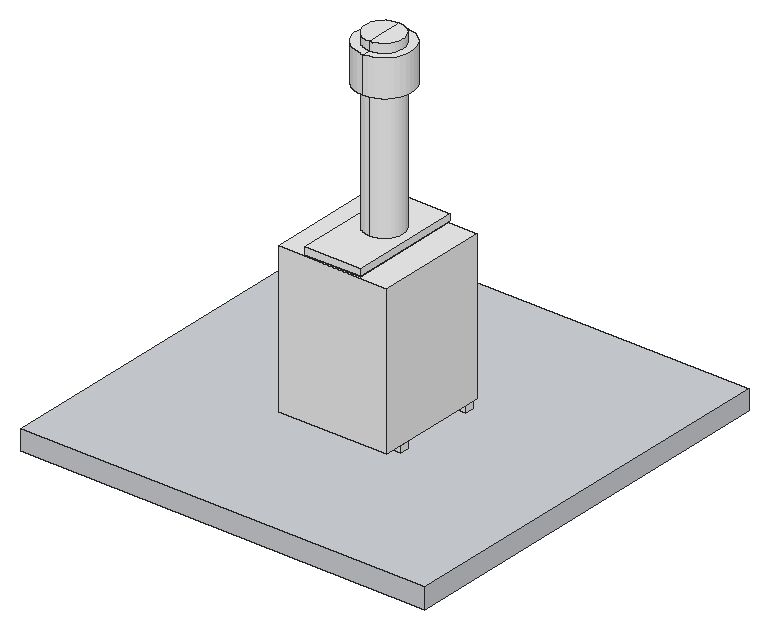
Revit family "DC_Rheem_PLM_Raypak_B0350HWT", category Mechanical Equipment, host Face, Revit 2020
Family settings
  Host = Face
  Round Connector Dimension = Use Radius
  Part Type = Normal
  Cut with Voids When Loaded = No
  Shared = No
  Room Calculation Point = No
Parameters
  Width_ANZRS = 655 mm
  URL = "http://www.rheem.com.au/downloads/PDF/Raypak_Mechanical_Heating_Brochure_July_09.pdf"
  Type Comments = "Recovery 1238L/h @ 50oC rise"
  TopDiameter_ANZRS = 225 mm
  Stainless Steel = Raypak - Grey Powder Coated Steel
  PRVDistance_ANZRS = 210 mm
  PRVRadius_ANZRS = 15 mm  # constant formula
  PRVDiameter_ANZRS = PRVRadius_ANZRS * 2  # 30 mm
  Model = "B0350PCO/HWT"
  Manufacturer = "Raypak"
  Length_ANZRS = 675 mm
  HotWaterOutletRadius_ANZRS = 20 mm
  HotWaterOutletDiameter_ANZRS = HotWaterOutletRadius_ANZRS * 2  # 40 mm
  HotWaterConnectionDistance_ANZRS = 170 mm
  Height_ANZRS = 2035 mm  # constant formula
  LipHeight_ANZRS = 935 mm
  GasInletRadius_ANZRS = 10 mm
  GasInletHeight_ANZRS = 370 mm
  GasInletDiameter_ANZRS = GasInletRadius_ANZRS * 2  # 20 mm
  GasConnectionDistance_ANZRS = 105 mm
  DesignBy_ANZRS = "Design Content  ©"
  Description = "Raypak - Gas Water Heater- Outdoor - 323 MJ/h  Propane gas, On/Off gas control"
  Default Elevation = 0 mm
  ConnectionHeight_ANZRS = 700 mm
  ColdWaterInletRadius_ANZRS = 20 mm
  ColdWaterInletDiameter_ANZRS = ColdWaterInletRadius_ANZRS * 2  # 40 mm
  ColdWaterConnectionDistance_ANZRS = 215 mm
  BoxHeight_ANZRS = 985 mm
  FootingOffsetDistance_ANZRS = 30 mm
  FootingWidth_ANZRS = 50 mm
  FootingOffsetDistanceRight_ANZRS = 105 mm
  Author_ANZRS = "DM"
  Assembly Code = ""
Types (5, lengths in mm): name | URL | Type Comments | Model | GasInletRadius_ANZRS | GasInletDiameter_ANZRS | Description
  (no name) | "http://www.rheem.com.au/downloads/PDF/Raypak_Mechanical_Heating_Brochure_July_09.pdf" | "Recovery 1238L/h @ 50oC rise" | "B0350PCO/HWT" | 10 | 20 | "Raypak - Gas Water Heater- Outdoor - 323 MJ/h  Propane gas, On/Off gas control"
  Raypak - Gas Water Heater- Outdoor - 343 MJ/h  Natural gas, modulating gas control | "http://www.rheem.com.au/CommercialProducts" | "Recovery 1312L/h @ 50oC rise" | "B0350NCM/HWT" | 12.5 | 25 | "Raypak - Gas Water Heater- Outdoor - 343 MJ/h  Natural gas, modulating gas control"
  Raypak - Gas Water Heater- Outdoor - 343 MJ/h  Natural gas, On/Off gas control | "http://www.rheem.com.au/CommercialProducts" | "Recovery 1312L/h @ 50oC rise" | "B0350NCO/HWT" | 10 | 20 | "Raypak - Gas Water Heater- Outdoor - 343 MJ/h  Natural gas, On/Off gas control"
  Raypak - Gas Water Heater- Outdoor - 323 MJ/h  Propane gas, modulating gas control | "http://www.rheem.com.au/CommercialProducts" | "Recovery 1238L/h @ 50oC rise" | "B0350PCM/HWT" | 10 | 20 | "Raypak - Gas Water Heater- Outdoor - 323 MJ/h  Propane gas, modulating gas control"
  Raypak - Gas Water Heater- Outdoor - 323 MJ/h  Propane gas, On/Off gas control | "http://www.rheem.com.au/CommercialProducts" | "Recovery 1238L/h @ 50oC rise" | "B0350PCO/HWT" | 10 | 20 | "Raypak - Gas Water Heater- Outdoor - 323 MJ/h  Propane gas, On/Off gas control"
Reference planes
  plane 1 "Center (Front/Back)": y = 0
  plane 2: z = 0
  plane 3 "Center (Left/Right)": x = 0
  plane 4 "Height": z = 2035
  plane 5 "Box H": z = 985
  plane 6 "Conn H": z = 700
  plane 7 "Gas C": z = 370
  plane 8 "L1": y = 288
  plane 9 "L2": y = -387
  plane 10 "PVR": y = 78
  plane 11 "Hot Water": y = 118
  plane 12 "Cold Water": y = -97
  plane 13 "Gas C1": y = -282
  plane 14 "D1": y = 112.5
  plane 15 "D2": y = -112.5
  plane 16 "W1": x = -327.5
  plane 17 "W2": x = 327.5
  plane 18 "base": z = 40
  plane 19 "H4": z = 1765
  plane 20 "H2": z = 1985
  plane 21: z = 600
  plane 22: z = 565
  plane 23: y = -327
  plane 24: x = -322.5
  plane 25 "BASE11": y = 258
  plane 26 "BASE12": y = 208
  plane 27 "BASE21": y = -232
  plane 28 "BASE22": y = -282
  plane 29 "H1": z = 935
  plane 30 "HH": z = 945
  plane 31: x = 167.5
  plane 32: x = -167.5
  plane 33: x = 157.5
  plane 34: x = -157.5
  plane 35 "LL2": y = -377
  plane 36 "LL1": y = 278
  plane 37: y = -162.5
  plane 38: y = 162.5
  plane 39: x = -112.5
  plane 40: x = 112.5
  plane 41: x = 162.5
  plane 42: x = -162.5
Forms (mm)
  Extrusion 1, solid
    sketch origin (0, 0, 0) x (1, 0, 0) y (0, 1, 0)
      loop
        line (-1219.2, 1219.2) -> (-1219.2, -1219.2) -> (1219.2, -1219.2) -> (1219.2, 1219.2) -> (-1219.2, 1219.2)
    from 0 to -120
  Extrusion 2, solid, material "Raypak - Grey Powder Coated Steel" <- "Stainless Steel"
    sketch origin (0, 0, 0) x (1, 0, 0) y (0, 1, 0)
      loop
        line (-327.5, 288) -> (-327.5, -387) -> (327.5, -387) -> (327.5, 288) -> (-327.5, 288)
    from 40 to 935
  Revolve 3, solid, material "Raypak - Grey Powder Coated Steel" <- "Stainless Steel"
    sketch origin (0, 0, 105) x (0, 1, 0) y (0, 0, 1)
      loop
        line (0, 1930) -> (-112.5, 1930) -> (-112.5, 1880) -> (-162.5, 1880) -> (-162.5, 1660) -> (-112.5, 1660) -> (-112.5, 880) -> (0, 880) -> (0, 1930)
      axis (0, 1930) -> (0, 880)
    angle from 0 to 360
  Extrusion 4, void
    sketch origin (0, 0, 0) x (0, 1, 0) y (0, 0, 1)
      loop
        circle (78, 700) r 15
      loop
        circle (118, 700) r 20
      loop
        circle (-97, 700) r 20
    from -327.5 to -322.5
  Extrusion 5, void
    sketch origin (0, 0, 0) x (0, 1, 0) y (0, 0, 1)
      loop
        circle (-327, 600) r 5
      loop
        circle (-327, 565) r 5
      loop
        circle (-282, 370) r 10
    from -327.5 to -322.5
  Extrusion 6, solid, material "Raypak - Grey Powder Coated Steel" <- "Stainless Steel"
    sketch origin (0, 0, 0) x (0, 1, 0) y (0, 0, 1)
      loop
        line (258, 40) -> (208, 40) -> (208, 0) -> (258, 0) -> (258, 40)
      loop
        line (-232, 40) -> (-282, 40) -> (-282, 0) -> (-232, 0) -> (-232, 40)
    from -327.5 to 327.5
  Extrusion 7, solid, material "Raypak - Grey Powder Coated Steel" <- "Stainless Steel"
    sketch origin (0, 0, 0) x (1, 0, 0) y (0, 0, 1)
      loop
        line (167.5, 985) -> (-167.5, 985) -> (-167.5, 945) -> (167.5, 945) -> (167.5, 985)
    from -288 to 387
  Extrusion 8, solid, material "Raypak - Grey Powder Coated Steel" <- "Stainless Steel"
    sketch origin (0, 0, 0) x (1, 0, 0) y (0, 0, 1)
      loop
        line (157.5, 945) -> (-157.5, 945) -> (-157.5, 935) -> (157.5, 935) -> (157.5, 945)
    from -278 to 377
Cuts and joins
  Extrusion 4, Extrusion 5 cuts Extrusion 2
Lines and regions (mm)
  Masking region 1
    outline origin (0, 0, 0) x (1, 0, 0) y (0, 1, 0)
      loop
        line (-327.5, 288) -> (-327.5, -387) -> (327.5, -387) -> (327.5, 288) -> (-327.5, 288)
  Masking region 2
    outline origin (0, 0, 0) x (1, 0, 0) y (0, 0, 1)
      loop
        line (-112.5, 2035) -> (-112.5, 1985) -> (-162.5, 1985) -> (-162.5, 1765) -> (-112.5, 1765) -> (-112.5, 985) -> (-167.5, 985) -> (-167.5, 945) -> (-157.5, 945) -> (-157.5, 935) -> (-327.5, 935) -> (-327.5, 0) -> (327.5, 0) -> (327.5, 935) -> (157.5, 935) -> (157.5, 945) -> (167.5, 945) -> (167.5, 985) -> (112.5, 985) -> (112.5, 1765) -> (162.5, 1765) -> (162.5, 1985) -> (112.5, 1985) -> (112.5, 2035) -> (0, 2035) -> (-112.5, 2035)
  Masking region 3
    outline origin (0, 0, 0) x (0, 1, 0) y (0, 0, 1)
      loop
        line (-112.5, 2035) -> (-112.5, 1985) -> (-162.5, 1985) -> (-162.5, 1765) -> (-112.5, 1765) -> (-112.5, 985) -> (-387, 985) -> (-387, 945) -> (-377, 945) -> (-377, 935) -> (-387, 935) -> (-387, 40) -> (-282, 40) -> (-282, 0) -> (-232, 0) -> (-232, 40) -> (208, 40) -> (208, 0) -> (258, 0) -> (258, 40) -> (288, 40) -> (288, 935) -> (278, 935) -> (278, 945) -> (288, 945) -> (288, 985) -> (112.5, 985) -> (112.5, 1765) -> (162.5, 1765) -> (162.5, 1985) -> (112.5, 1985) -> (112.5, 2035) -> (-112.5, 2035)
  symbolic lines, style "Emergency", detail levels fine
    curve 1: arc (0, 200.918, 0) -> (-200.918, 0, 0) -> (0, -200.918, 0) r 200.918
    curve 2: arc (0, -200.918, 0) -> (200.918, 0, 0) -> (0, 200.918, 0) r 200.918
    curve 3: arc (0, 182.5, 0) -> (182.5, 0, 0) -> (0, -182.5, 0) r 182.5
    curve 4: arc (0, -182.5, 0) -> (-182.5, 0, 0) -> (0, 182.5, 0) r 182.5
    curve 5: arc (0, -112.5, 0) -> (-112.5, 0, 0) -> (0, 112.5, 0) r 112.5
    curve 6: arc (0, 112.5, 0) -> (112.5, 0, 0) -> (0, -112.5, 0) r 112.5
    curve 7: line (327.5, -387, 0) -> (327.5, 288, 0)
    curve 8: line (327.5, 288, 0) -> (-327.5, 288, 0)
    curve 9: line (-327.5, 288, 0) -> (-327.5, -387, 0)
    curve 10: line (-327.5, -387, 0) -> (327.5, -387, 0)
    curve 11: line (112.5, 0, 1985) -> (182.5, 0, 1915)
    curve 12: line (162.5, 0, 1765) -> (182.5, 0, 1915)
    curve 13: line (-182.5, 0, 1915) -> (-162.5, 0, 1765)
    curve 14: line (-112.5, 0, 2035) -> (112.5, 0, 2035)
    curve 15: line (0, 0, 2035) -> (112.5, 0, 2035)
    curve 16: line (112.5, 0, 1985) -> (-112.5, 0, 1985)
    curve 17: line (-162.5, 0, 1765) -> (0, 0, 1765)
    curve 18: line (0, 0, 1765) -> (175.918, 0, 1765)
    curve 19: line (112.5, 0, 2035) -> (112.5, 0, 1985)
    curve 20: line (-112.5, 0, 2035) -> (-112.5, 0, 1985)
    curve 21: line (327.5, 0, 935) -> (-327.5, 0, 935)
    curve 22: line (327.5, 0, 40) -> (327.5, 0, 935)
    curve 23: line (-327.5, 0, 935) -> (-327.5, 0, 40)
    curve 24: line (-327.5, 0, 40) -> (327.5, 0, 40)
    curve 25: line (327.5, 0, 0) -> (327.5, 0, 40)
    curve 26: line (-327.5, 0, 40) -> (-327.5, 0, 0)
    curve 27: line (-327.5, 0, 0) -> (327.5, 0, 0)
    curve 28: line (-112.5, 0, 1765) -> (-112.5, 0, 985)
    curve 29: line (112.5, 0, 1765) -> (112.5, 0, 985)
    curve 30: arc (0, 63, 700) -> (0, 78, 685) -> (0, 93, 700) r 15
    curve 31: arc (0, 93, 700) -> (0, 78, 715) -> (0, 63, 700) r 15
    curve 32: arc (0, 138, 700) -> (0, 118, 720) -> (0, 98, 700) r 20
    curve 33: arc (0, 98, 700) -> (0, 118, 680) -> (0, 138, 700) r 20
    curve 34: arc (0, -117, 700) -> (0, -97, 680) -> (0, -77, 700) r 20
    curve 35: arc (0, -77, 700) -> (0, -97, 720) -> (0, -117, 700) r 20
    curve 36: arc (0, -272, 370) -> (0, -282, 380) -> (0, -292, 370) r 10
    curve 37: arc (0, -292, 370) -> (0, -282, 360) -> (0, -272, 370) r 10
    curve 38: arc (0, -332, 565) -> (0, -327, 560) -> (0, -322, 565) r 5
    curve 39: arc (0, -322, 565) -> (0, -327, 570) -> (0, -332, 565) r 5
    curve 40: arc (0, -332, 600) -> (0, -327, 595) -> (0, -322, 600) r 5
    curve 41: arc (0, -322, 600) -> (0, -327, 605) -> (0, -332, 600) r 5
    curve 42: line (0, -112.5, 2035) -> (0, -112.5, 1985)
    curve 43: line (0, 112.5, 2035) -> (0, 112.5, 1985)
    curve 44: line (0, 162.5, 1765) -> (0, -162.5, 1765)
    curve 45: line (0, 162.5, 1985) -> (0, -162.5, 1985)
    curve 46: line (0, 112.5, 1985) -> (0, -112.5, 1985)
    curve 47: line (0, 112.5, 1985) -> (0, 162.5, 1985)
    curve 48: line (0, -162.5, 1765) -> (0, -162.5, 1985)
    curve 49: line (0, -112.5, 1985) -> (0, -162.5, 1985)
    curve 50: line (0, 162.5, 1765) -> (0, 162.5, 1985)
    curve 51: line (0, -112.5, 2035) -> (0, 112.5, 2035)
    curve 52: line (0, 112.5, 1765) -> (0, 112.5, 985)
    curve 53: line (0, -112.5, 1765) -> (0, -112.5, 985)
    curve 54: line (0, 288, 985) -> (0, -387, 985)
    curve 55: line (0, -387, 985) -> (0, -387, 945)
    curve 56: line (0, 288, 40) -> (0, 288, 935)
    curve 57: line (0, -387, 40) -> (0, 288, 40)
    curve 58: line (0, 208, 40) -> (0, 208, 0)
    curve 59: line (0, 258, 0) -> (0, 258, 40)
    curve 60: line (0, 208, 0) -> (0, 258, 0)
    curve 61: line (0, -232, 0) -> (0, -232, 40)
    curve 62: line (0, -282, 40) -> (0, -282, 0)
    curve 63: line (0, -282, 0) -> (0, -232, 0)
    curve 64: line (-167.5, 288, 0) -> (-167.5, 110.958, 0)
    curve 65: line (167.5, -387, 0) -> (167.5, -110.958, 0)
    curve 66: line (167.5, 0, 945) -> (167.5, 0, 985)
    curve 67: line (-167.5, 0, 945) -> (167.5, 0, 945)
    curve 68: line (157.5, 0, 935) -> (157.5, 0, 945)
    curve 69: line (-167.5, 0, 985) -> (-167.5, 0, 945)
    curve 70: line (-157.5, 0, 945) -> (-157.5, 0, 935)
    curve 71: line (167.5, 0, 985) -> (-167.5, 0, 985)
    curve 72: line (0, -387, 945) -> (0, 288, 945)
    curve 73: line (0, 288, 935) -> (0, -387, 935)
    curve 74: line (0, 278, 935) -> (0, 278, 945)
    curve 75: line (0, -377, 945) -> (0, -377, 935)
    curve 76: line (0, -387, 935) -> (0, -387, 40)
    curve 77: line (0, 288, 945) -> (0, 288, 985)
    curve 78: line (-167.5, -110.958, 0) -> (-167.5, -387, 0)
    curve 79: line (167.5, 110.958, 0) -> (167.5, 288, 0)
Dimensions and locks
  "Height_ANZRS": plane 4 "Height" to level
  "BoxHeight_ANZRS": plane 5 "Box H" to level
  "ConnectionHeight_ANZRS": plane 6 "Conn H" to Extrusion 1
  "GasInletHeight_ANZRS": plane 7 "Gas C" to level
  "Length_ANZRS": plane 8 "L1" to plane 9 "L2"
  "PRVDistance_ANZRS": plane 8 "L1" to plane 10 "PVR"
  "HotWaterConnectionDistance_ANZRS": plane 8 "L1" to plane 11 "Hot Water"
  "ColdWaterConnectionDistance_ANZRS": plane 11 "Hot Water" to plane 12 "Cold Water"
  "GasConnectionDistance_ANZRS": plane 13 "Gas C1" to plane 9 "L2"
  plane 1 "Center (Front/Back)" to plane 9 "L2" = 387 mm
  plane 18 "base" to level = 40 mm
  plane 4 "Height" to plane 20 "H2" to plane 19 "H4" = 50 mm locked, 220 mm
  equal spacing: plane 17 "W2", plane 3 "Center (Left/Right)", plane 16 "W1"
  "Width_ANZRS": plane 17 "W2" to plane 16 "W1"
  equal spacing: plane 14 "D1", plane 1 "Center (Front/Back)", plane 15 "D2"
  "TopDiameter_ANZRS": plane 14 "D1" to plane 15 "D2"
  plane 21 to Extrusion 1 = 600 mm
  plane 22 to Extrusion 1 = 565 mm
  plane 18 "base" to Extrusion 1 = 40 mm
  plane 23 to plane 9 "L2" = 60 mm
  plane 16 "W1" to plane 24 = 5 mm
  "FootingOffsetDistance_ANZRS": plane 8 "L1" to plane 25 "BASE11"
  "FootingWidth_ANZRS": plane 25 "BASE11" to plane 26 "BASE12"
  "FootingWidth_ANZRS": plane 27 "BASE21" to plane 28 "BASE22"
  "FootingOffsetDistanceRight_ANZRS": plane 28 "BASE22" to plane 9 "L2"
  "LipHeight_ANZRS": plane 29 "H1" to Extrusion 1
  locked: plane 29 "H1" to plane 30 "HH" at 10
  plane 32 to plane 3 "Center (Left/Right)" to plane 31 = 167.5 mm, 167.5 mm
  plane 32 to plane 31 = 335 mm
  locked: plane 33 to plane 31 at 10
  locked: plane 34 to plane 32 at 10
  locked: plane 35 "LL2" to plane 9 "L2" at 10
  plane 36 "LL1" to plane 8 "L1" = 10 mm
  plane 15 "D2" to plane 37 = 50 mm
  equal spacing: plane 39, plane 3 "Center (Left/Right)", plane 40
  "TopDiameter_ANZRS": plane 39 to plane 40
  plane 39 to plane 42 = 50 mm
  plane 41 to plane 40 = 50 mm
  plane 38 to plane 14 "D1" = 50 mm
  "HotWaterOutletRadius_ANZRS": radius of Extrusion 4 sketch curve
  "ColdWaterInletRadius_ANZRS": radius of Extrusion 4 sketch curve
  "PRVRadius_ANZRS": radius of Extrusion 4 sketch curve
  "GasInletRadius_ANZRS": radius of Extrusion 5 sketch curve
  aligned and locked: plane 2 to Extrusion 1
  aligned and locked: level to Extrusion 1
  aligned and locked: plane 8 "L1" to Extrusion 2 sketch curve
  aligned and locked: plane 16 "W1" to Extrusion 2 sketch curve
  aligned and locked: plane 9 "L2" to Extrusion 2 sketch curve
  aligned and locked: plane 17 "W2" to Extrusion 2 sketch curve
  aligned: plane 5 "Box H" to Extrusion 2
  aligned and locked: Revolve 3 sketch curve to plane 1 "Center (Front/Back)"
  aligned and locked: plane 11 "Hot Water" to Extrusion 4 sketch curve
  aligned and locked: plane 10 "PVR" to Extrusion 4 sketch curve
  aligned and locked: plane 6 "Conn H" to Extrusion 4 sketch curve  (x3)
  aligned and locked: Extrusion 4 to plane 16 "W1"
  aligned and locked: Extrusion 2 to plane 18 "base"
  aligned and locked: plane 12 "Cold Water" to Extrusion 4 sketch curve
  aligned and locked: Revolve 3 sketch curve to plane 4 "Height"
  aligned and locked: plane 5 "Box H" to Revolve 3 sketch curve
  aligned and locked: plane 19 "H4" to Revolve 3 sketch curve
  aligned: plane 15 "D2" to Revolve 3 sketch curve
  aligned and locked: plane 15 "D2" to Revolve 3 sketch curve
  aligned and locked: plane 21 to Extrusion 5 sketch curve
  aligned and locked: plane 23 to Extrusion 5 sketch curve  (x2)
  aligned and locked: plane 22 to Extrusion 5 sketch curve
  aligned and locked: Extrusion 5 to plane 16 "W1"
  aligned and locked: plane 24 to Extrusion 5
  aligned and locked: plane 13 "Gas C1" to Extrusion 5 sketch curve
  aligned and locked: plane 7 "Gas C" to Extrusion 5 sketch curve
  aligned and locked: Extrusion 5 to Extrusion 4
  aligned and locked: plane 18 "base" to Extrusion 6 sketch curve  (x2)
  aligned and locked: Extrusion 6 sketch curve to plane 25 "BASE11"
  aligned and locked: Extrusion 6 sketch curve to level  (x2)
  aligned and locked: plane 26 "BASE12" to Extrusion 6 sketch curve
  aligned and locked: Extrusion 6 sketch curve to plane 27 "BASE21"
  aligned and locked: plane 28 "BASE22" to Extrusion 6 sketch curve
  aligned and locked: Extrusion 6 to plane 16 "W1"
  aligned and locked: Extrusion 6 to plane 17 "W2"
  aligned and locked: Masking region 1 sketch curve to cut or joined group of Extrusion 2, Extrusion 4, Extrusion 5  (x4)
  aligned and locked: Revolve 3 to Masking region 2 sketch curve  (x3)
  aligned and locked: Masking region 2 sketch curve to Revolve 3
  aligned and locked: plane 5 "Box H" to Masking region 2 sketch curve
  aligned and locked: plane 16 "W1" to Masking region 2 sketch curve
  aligned and locked: Masking region 2 sketch curve to plane 17 "W2"
  aligned and locked: Extrusion 1 to Masking region 2 sketch curve
  aligned and locked: Masking region 3 sketch curve to Revolve 3  (x2)
  aligned and locked: Masking region 3 sketch curve to plane 15 "D2"  (x2)
  aligned and locked: plane 5 "Box H" to Masking region 3 sketch curve
  aligned and locked: Masking region 3 sketch curve to plane 9 "L2"
  aligned and locked: plane 18 "base" to Masking region 3 sketch curve
  aligned and locked: Masking region 3 sketch curve to Extrusion 6  (x4)
  aligned and locked: plane 26 "BASE12" to Masking region 3 sketch curve
  aligned and locked: plane 25 "BASE11" to Masking region 3 sketch curve
  aligned and locked: plane 8 "L1" to Masking region 3 sketch curve
  aligned and locked: Masking region 3 sketch curve to plane 14 "D1"
  aligned and locked: curve 7 to cut or joined group of Extrusion 2, Extrusion 4, Extrusion 5
  aligned and locked: curve 8 to cut or joined group of Extrusion 2, Extrusion 4, Extrusion 5
  aligned and locked: curve 9 to cut or joined group of Extrusion 2, Extrusion 4, Extrusion 5
  aligned and locked: curve 10 to cut or joined group of Extrusion 2, Extrusion 4, Extrusion 5
  aligned and locked: curve 30 to cut or joined group of Extrusion 2, Extrusion 4, Extrusion 5
  aligned and locked: curve 31 to cut or joined group of Extrusion 2, Extrusion 4, Extrusion 5
  aligned and locked: curve 32 to cut or joined group of Extrusion 2, Extrusion 4, Extrusion 5
  aligned and locked: curve 33 to cut or joined group of Extrusion 2, Extrusion 4, Extrusion 5
  aligned and locked: curve 34 to cut or joined group of Extrusion 2, Extrusion 4, Extrusion 5
  aligned and locked: curve 35 to cut or joined group of Extrusion 2, Extrusion 4, Extrusion 5
  aligned and locked: curve 36 to cut or joined group of Extrusion 2, Extrusion 4, Extrusion 5
  aligned and locked: curve 37 to cut or joined group of Extrusion 2, Extrusion 4, Extrusion 5
  aligned and locked: curve 38 to cut or joined group of Extrusion 2, Extrusion 4, Extrusion 5
  aligned and locked: curve 39 to cut or joined group of Extrusion 2, Extrusion 4, Extrusion 5
  aligned and locked: curve 40 to cut or joined group of Extrusion 2, Extrusion 4, Extrusion 5
  aligned and locked: curve 41 to cut or joined group of Extrusion 2, Extrusion 4, Extrusion 5
  aligned and locked: curve 42 to plane 15 "D2"
  aligned and locked: curve 43 to plane 14 "D1"
  aligned and locked: curve 51 to Revolve 3
  aligned and locked: Extrusion 2 to plane 29 "H1"
  aligned and locked: curve 21 to cut or joined group of Extrusion 2, Extrusion 4, Extrusion 5
  aligned and locked: plane 5 "Box H" to Extrusion 7 sketch curve
  aligned and locked: Extrusion 7 sketch curve to plane 31
  aligned and locked: Extrusion 7 sketch curve to plane 30 "HH"
  aligned and locked: Extrusion 7 sketch curve to plane 32
  aligned and locked: plane 30 "HH" to Extrusion 8 sketch curve
  aligned and locked: Extrusion 8 sketch curve to plane 33
  aligned and locked: Extrusion 8 sketch curve to plane 29 "H1"
  aligned and locked: Extrusion 8 sketch curve to plane 34
  aligned and locked: Extrusion 7 to plane 8 "L1"
  aligned and locked: Extrusion 7 to plane 9 "L2"
  aligned and locked: Extrusion 8 to plane 35 "LL2"
  aligned and locked: plane 36 "LL1" to Extrusion 8
  aligned and locked: curve 64 to Extrusion 7
  aligned and locked: curve 65 to Extrusion 7
  aligned and locked: curve 66 to Extrusion 7
  aligned and locked: curve 67 to Extrusion 7
  aligned and locked: curve 68 to Extrusion 8
  aligned and locked: curve 69 to Extrusion 7
  aligned and locked: curve 70 to Extrusion 8
  aligned and locked: curve 71 to Extrusion 7
  aligned and locked: Masking region 2 sketch curve to Extrusion 7  (x3)
  aligned and locked: Extrusion 7 to Masking region 2 sketch curve
  aligned and locked: Masking region 2 sketch curve to Extrusion 8  (x2)
  aligned and locked: Masking region 2 sketch curve to cut or joined group of Extrusion 2, Extrusion 4, Extrusion 5
  aligned and locked: curve 72 to Extrusion 7
  aligned and locked: curve 73 to cut or joined group of Extrusion 2, Extrusion 4, Extrusion 5
  aligned and locked: curve 74 to Extrusion 8
  aligned and locked: curve 75 to Extrusion 8
  aligned and locked: Masking region 3 sketch curve to Extrusion 7
  aligned and locked: Masking region 3 sketch curve to cut or joined group of Extrusion 2, Extrusion 4, Extrusion 5
  aligned and locked: Masking region 3 sketch curve to Extrusion 8  (x2)
  aligned and locked: plane 37 to Revolve 3 sketch curve
  aligned and locked: plane 37 to curve 48
  aligned and locked: plane 19 "H4" to curve 48
  aligned and locked: plane 19 "H4" to curve 50
  aligned and locked: plane 38 to curve 44
  aligned and locked: curve 20 to plane 39
  aligned and locked: curve 19 to plane 40
  aligned and locked: plane 40 to Masking region 2  (x2)
  aligned and locked: Masking region 2 to plane 39
  aligned and locked: plane 39 to curve 28
  aligned and locked: plane 39 to Masking region 2
  aligned and locked: curve 29 to plane 40
  aligned and locked: plane 42 to curve 13
  aligned and locked: plane 19 "H4" to curve 17
  aligned and locked: plane 19 "H4" to curve 18
  aligned and locked: plane 41 to curve 12
  aligned and locked: plane 19 "H4" to curve 12
  aligned and locked: cut or joined group of Extrusion 2, Extrusion 4, Extrusion 5 to Masking region 2 sketch curve
  aligned and locked: Masking region 2 sketch curve to plane 42
  aligned and locked: plane 20 "H2" to Masking region 2 sketch curve
  aligned and locked: Masking region 2 sketch curve to plane 20 "H2"
  aligned and locked: Masking region 2 sketch curve to plane 41
  aligned and locked: plane 20 "H2" to curve 47
  aligned and locked: plane 20 "H2" to Masking region 3 sketch curve
  aligned and locked: Masking region 3 sketch curve to plane 38
  aligned and locked: Masking region 3 sketch curve to plane 37
  aligned and locked: Masking region 3 sketch curve to plane 20 "H2"
  aligned and locked: Revolve 3 sketch curve to plane 37
  aligned and locked: Revolve 3 sketch curve to plane 20 "H2"
Automatic sketch dimensions
  Extrusion 1 sketch curve to Extrusion 1 sketch curve = 2438.4 mm  (x2)
  curve 55 to plane 5 "Box H" = 0 mm
  curve 55 to plane 9 "L2" = 0 mm
  curve 76 to plane 9 "L2" = 0 mm
  curve 75 to plane 35 "LL2" = 0 mm
  curve 62 to level = 0 mm
  curve 62 to plane 13 "Gas C1" = 0 mm
  curve 63 to plane 27 "BASE21" = 0 mm
  curve 53 to plane 15 "D2" = 0 mm
  curve 52 to plane 14 "D1" = 0 mm
  curve 60 to level = 0 mm
  curve 60 to plane 26 "BASE12" = 0 mm
  curve 59 to plane 18 "base" = 0 mm
  curve 59 to plane 25 "BASE11" = 0 mm
  curve 74 to plane 30 "HH" = 0 mm
  curve 74 to plane 36 "LL1" = 0 mm
  curve 72 to plane 8 "L1" = 0 mm
  curve 57 to plane 8 "L1" = 0 mm
  curve 57 to plane 18 "base" = 0 mm
  curve 61 to plane 18 "base" = 0 mm
  curve 62 to plane 18 "base" = 0 mm
  curve 58 to plane 18 "base" = 0 mm
  curve 51 to plane 4 "Height" = 0 mm
  Revolve 3 sketch curve to plane 15 "D2" = 0 mm
  Revolve 3 sketch curve to plane 1 "Center (Front/Back)" = 0 mm
  Revolve 3 sketch curve to Revolve 3 sketch curve = 675 mm
  Revolve 3 sketch curve to Revolve 3 sketch curve = 130 mm
  Masking region 2 sketch curve to plane 3 "Center (Left/Right)" = 0 mm
  Masking region 2 sketch curve to plane 5 "Box H" = 0 mm
  Masking region 3 sketch curve to plane 9 "L2" = 0 mm
  Masking region 3 sketch curve to plane 14 "D1" = 0 mm
  Masking region 3 sketch curve to plane 19 "H4" = 0 mm
  Masking region 3 sketch curve to plane 8 "L1" = 0 mm
  Masking region 3 sketch curve to plane 18 "base" = 0 mm  (x2)
  Masking region 3 sketch curve to plane 29 "H1" = 0 mm
  Masking region 3 sketch curve to plane 30 "HH" = 0 mm
  Masking region 3 sketch curve to plane 5 "Box H" = 0 mm
  plane 33 to Masking region 2 sketch curve = 45 mm
  plane 34 to Masking region 2 sketch curve = 45 mm
  curve 26 to level = 0 mm
  curve 26 to plane 16 "W1" = 0 mm
  curve 71 to plane 5 "Box H" = 0 mm
  curve 71 to plane 32 = 0 mm
  curve 70 to plane 34 = 0 mm
  curve 17 to plane 3 "Center (Left/Right)" = 0 mm
  curve 15 to plane 3 "Center (Left/Right)" = 0 mm
  curve 68 to plane 30 "HH" = 0 mm
  plane 33 to curve 68 = 0 mm
  plane 31 to curve 67 = 0 mm
  plane 17 "W2" to curve 24 = 0 mm
  curve 23 to plane 18 "base" = 0 mm
  curve 16 to plane 20 "H2" = 0 mm
  curve 15 to plane 4 "Height" = 0 mm
  curve 9 to plane 9 "L2" = 0 mm
  curve 9 to plane 16 "W1" = 0 mm
  curve 64 to plane 32 = 0 mm
  curve 78 to plane 32 = 0 mm
  curve 79 to plane 31 = 0 mm
  curve 65 to plane 31 = 0 mm
  curve 7 to plane 17 "W2" = 0 mm
  plane 8 "L1" to curve 7 = 0 mm
  curve 13 to plane 32 = 15 mm
  curve 18 to plane 31 = 8.418 mm
  curve 12 to plane 31 = 15 mm
  curve 11 to plane 20 "H2" = 70 mm
  curve 13 to plane 20 "H2" = 70 mm
  plane 39 to Masking region 2 sketch curve = 0 mm
  Masking region 2 sketch curve to plane 40 = 0 mm
  plane 38 to curve 45 = 0 mm
  plane 37 to curve 49 = 0 mm
  curve 1 to curve 4 = 0 mm  (x4)
  curve 1 to curve 5 = 0 mm  (x4)
  curve 2 to plane 38 = 38.418 mm
  curve 1 to curve 3 = 18.418 mm
  curve 1 to curve 2 = 0 mm  (x2)
  curve 1 to curve 3 = 0 mm  (x2)
  curve 1 to curve 6 = 0 mm  (x2)
  curve 2 to curve 3 = 0 mm  (x2)
  curve 2 to curve 4 = 0 mm  (x2)
  curve 2 to curve 5 = 0 mm  (x2)
  curve 2 to curve 6 = 0 mm  (x2)
  curve 3 to curve 4 = 0 mm  (x2)
  curve 3 to curve 5 = 0 mm  (x2)
  curve 3 to curve 6 = 0 mm  (x2)
  curve 4 to curve 5 = 0 mm  (x2)
  curve 4 to curve 6 = 0 mm  (x2)
  curve 5 to curve 6 = 0 mm  (x2)
  curve 3 to plane 3 "Center (Left/Right)" = 0 mm
  curve 5 to plane 15 "D2" = 0 mm
  plane 1 "Center (Front/Back)" to curve 6 = 0 mm
  Extrusion 5 sketch curve to plane 13 "Gas C1" = 0 mm
  radius of Extrusion 5 sketch curve = 5 mm  (x2)
Connectors
  piping at (-327.5, 118, 700), diameter 40, driven by "HotWaterOutletRadius_ANZRS"
    settings: on cut or joined group of Extrusion 2, Extrusion 4, Extrusion 5, index 1, connector inside diameter 1.5748", connector length 0 mm, flow factor 0, pipe flow 0 GPM, pressure drop 0.00 psi, fitting loss kfactor 0, connector angle 0.00°, fixture units 0, engagement length 0 mm, angle of deflection 0.00°, flow configuration 0, flow direction 0, fitting loss method 0, system type 19, joint type 0, gender type 0, connector reference index -1, connector utility 0, adjustable connector no, is connector primary yes, connector description ""
  piping at (-327.5, 78, 700), diameter 30, driven by "PRVRadius_ANZRS"
    settings: on cut or joined group of Extrusion 2, Extrusion 4, Extrusion 5, index 2, connector inside diameter 1.1811", connector length 0 mm, flow factor 0, pipe flow 0 GPM, pressure drop 0.00 psi, fitting loss kfactor 0, connector angle 0.00°, fixture units 0, engagement length 0 mm, angle of deflection 0.00°, flow configuration 0, flow direction 0, fitting loss method 0, system type 19, joint type 0, gender type 0, connector reference index -1, connector utility 0, adjustable connector no, is connector primary no, connector description ""
  piping at (-327.5, -97, 700), diameter 40, driven by "ColdWaterInletRadius_ANZRS"
    settings: on cut or joined group of Extrusion 2, Extrusion 4, Extrusion 5, index 3, connector inside diameter 1.5748", connector length 0 mm, flow factor 0, pipe flow 0 GPM, pressure drop 0.00 psi, fitting loss kfactor 0, connector angle 0.00°, fixture units 0, engagement length 0 mm, angle of deflection 0.00°, flow configuration 0, flow direction 0, fitting loss method 0, system type 20, joint type 0, gender type 0, connector reference index -1, connector utility 0, adjustable connector no, is connector primary no, connector description ""
  piping at (-327.5, -282, 370), diameter 20, driven by "GasInletRadius_ANZRS"
    settings: on cut or joined group of Extrusion 2, Extrusion 4, Extrusion 5, index 4, connector inside diameter 0.7874", connector length 0 mm, flow factor 0, pipe flow 0 GPM, pressure drop 0.00 psi, fitting loss kfactor 0, connector angle 0.00°, fixture units 0, engagement length 0 mm, angle of deflection 0.00°, flow configuration 0, flow direction 0, fitting loss method 0, system type 22, joint type 0, gender type 0, connector reference index -1, connector utility 0, adjustable connector no, is connector primary no, connector description ""
  electrical at (-327.5, -327, 600)
    settings: on cut or joined group of Extrusion 2, Extrusion 4, Extrusion 5, index 5, voltage 0 V, apparent load 0 VA, apparent load phase1 0 VA, apparent load phase2 0 VA, apparent load phase3 0 VA, power factor 1, load classification "Other", number of poles 1, system type 31, power factor state 1, is connector primary yes, connector utility no, sub classification motor no, connector description ""
  electrical at (-327.5, -327, 565)
    settings: on cut or joined group of Extrusion 2, Extrusion 4, Extrusion 5, index 6, voltage 0 V, apparent load 0 VA, apparent load phase1 0 VA, apparent load phase2 0 VA, apparent load phase3 0 VA, power factor 1, load classification "Other", number of poles 1, system type 31, power factor state 1, is connector primary no, connector utility no, sub classification motor no, connector description ""
